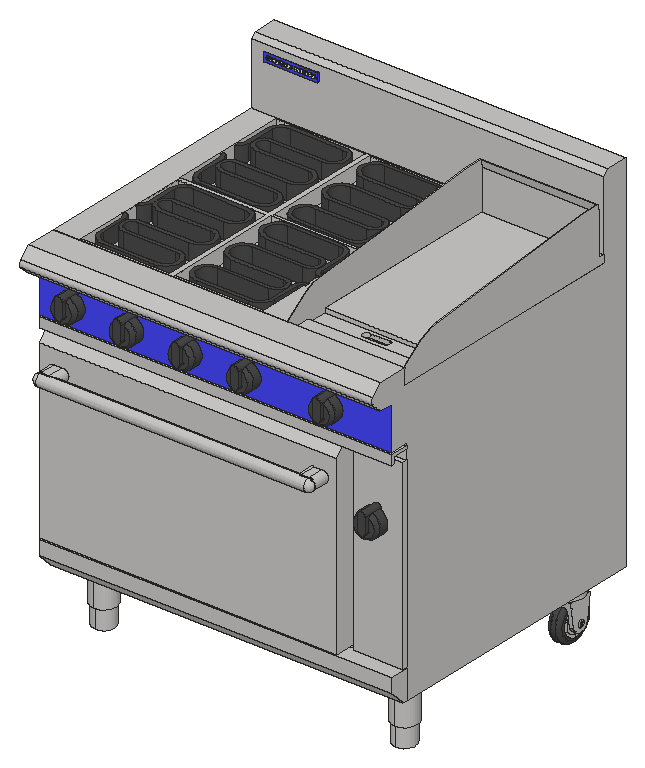
Revit family "QF_MOFFAT_BLUESEAL_CE_E56C", category Specialty Equipment, Revit 2012
Parameters
  Width = 900 mm  # constant formula
  Weight in Pounds = 440  # constant formula
  Watts = 19600 W
  Volts = 400 V
  URL Cutsheet = "www.moffat.com"
  URL = "www.moffat.com"
  Type Mark [instance] = ""
  Status [instance] = ""
  Specification by User [instance] = ""
  Specification by Manufacturer = ""
  Show Logo [instance] = yes
  Show Clearance [instance] = yes
  Show Casters [instance] = yes
  Serial Number = ""
  Seismic Rating = ""
  SMACNA No = ""
  Revision Code [instance] = ""
  Phase = 3
  Omniclass Number and Title = ""
  Number of Poles [instance] = 1
  NAFEM Spec ID Number = ""
  Model = "E56C"
  Min Ckt Ampacity = 0 A
  Max Overcurrent Protection = 0 A
  Masterspec = ""
  Manufacturer = "MOFFAT BLUESEAL"
  Legs [instance] = not(Show Casters)  # no
  Item Number [instance] = ""
  Installed By [instance] = ""
  Identify Quantity as Lot [instance] = yes
  Height = 970 mm  # constant formula
  HP = ""
  Furnished By [instance] = ""
  Foodservice Equipment Identifier [instance] = yes
  FL Amps = 20.9 A
  Electrical Remarks = "29.3A PER PHASE"
  Electric Connection Type = ""
  Elec Conn RI Height = 0 mm
  Elec Conn Connection Height = 0 mm
  Description = "900MM ELECTRIC RANGE WITH CONVECTION OVEN"
  Depth = 812 mm  # constant formula
  Cycle = 50 Hz
  Conn Plug = ""
  Conn Conduit = yes
  CSI MasterFormat = ""
  CSI Master Format = ""
  Body Finish = QF_Finishes_Stainless Steel
  Apparent Power = 0 VA
Reference planes
  plane 1 "BACK": y = 0
  plane 2: z = 0
  plane 3 "LEFT": x = 0
  plane 4 "RIGHT": x = 900
  plane 5 "FRONT": y = -812
  plane 6 "TOP": z = 970
  plane 7 "Center Y": x = 450
  plane 8 "Center X": y = -406
  plane 9: x = 280
  plane 10: y = -574.272
  plane 11: y = -304.972
  plane 12: y = -364.972
  plane 13: y = -812
  plane 14: x = 834.5
  plane 15: y = -32
  plane 16: z = 655
  plane 17: y = -100
  plane 18: z = 1085
  plane 19: y = -705
Forms (mm)
  Extrusion 1, solid, material "QF_Finishes_Stainless Steel" <- "Body Finish"
    sketch origin (0, 0, 0) x (0, 1, 0) y (0, 0, 1)
      loop
        line (0, 150) -> (0, 1085) -> (-57.5, 1085) -> (-70, 1072.5) -> (-70, 875) -> (-705, 875) -> (-705, 915) -> (-783.97, 915) -> (-808.476, 890.494)
        arc (-808.476, 890.494) -> (-811.994, 882) -> (-808.476, 873.506) r 12.013
        line (-808.476, 873.506) -> (-784.97, 850) -> (-749, 850) -> (-749, 740) -> (-699, 740) -> (-699, 150) -> (0, 150)
    from 0 to 900
  Extrusion 2, solid, material "QF_Finishes_Stainless Steel"
    sketch origin (0, 7, 0) x (0, 1, 0) y (0, 0, 1)
      loop
        line (-706, 700) -> (-732, 700) -> (-756, 676) -> (-756, 227.5) -> (-706, 227.5) -> (-706, 700)
    from 0 to 760
  Extrusion 3, solid, material "QF_Finishes_Stainless Steel"
    sketch origin (723.5, 7, 0) x (0, 1, 0) y (0, 0, 1)
      loop
        line (-706, 700) -> (-721, 700) -> (-721, 227.5) -> (-706, 227.5) -> (-706, 700)
    from 51.5 to 176.5
  Revolve 4, solid, material "QF_Finishes_Stainless Steel" <- "Body Finish"
    sketch origin (834.5, -696.126, 0) x (0, 1, 0) y (0, 0, -1)
      loop
        line (39.376, -150) -> (71.126, -150) -> (71.126, 0) -> (43.626, 0) -> (43.626, -50) -> (39.376, -50) -> (39.376, -150)
      axis (71.126, -150) -> (71.126, 0)
    angle from 0 to 360
  Revolve 5, solid, material "QF_Finishes_Stainless Steel" <- "Body Finish"
    sketch origin (65.5, -696.126, 0) x (0, 1, 0) y (0, 0, 1)
      loop
        line (39.376, 150) -> (39.376, 50) -> (43.626, 50) -> (43.626, 0) -> (71.126, 0) -> (71.126, 150) -> (39.376, 150)
      axis (71.126, 150) -> (71.126, 0)
    angle from 0 to 360
  Extrusion 6, solid, material "QF_Finishes_Stainless Steel"
    sketch origin (-64.5, 0, 325) x (1, 0, 0) y (0, 1, 0)
      loop
        circle (834.5, -32) r 10
    from 330 to 371
  Revolve 7, solid, material "QF_Finishes_Black"
    sketch origin (750, 45.874, -0.118) x (0, 1, 0) y (0, 0, 1)
      loop
        line (-827.874, 829.5) -> (-838.874, 823.651) -> (-838.874, 797) -> (-794.874, 797) -> (-794.874, 802) -> (-804.874, 802) -> (-804.874, 829.5) -> (-827.874, 829.5)
      axis (-838.874, 797) -> (-794.874, 797)
    angle from 0 to 360
  Revolve 8, solid, material "QF_Finishes_Black"
    sketch origin (90.649, 45.874, -0.118) x (0, 1, 0) y (0, 0, -1)
      loop
        line (-827.874, -829.5) -> (-804.874, -829.5) -> (-804.874, -802) -> (-794.874, -802) -> (-794.874, -797) -> (-838.874, -797) -> (-838.874, -823.651) -> (-827.874, -829.5)
      axis (-838.874, -797) -> (-794.874, -797)
    angle from 0 to 360
  Revolve 9, solid, material "QF_Finishes_Black"
    sketch origin (240.649, 45.874, -0.118) x (0, 1, 0) y (0, 0, -1)
      loop
        line (-827.874, -829.5) -> (-804.874, -829.5) -> (-804.874, -802) -> (-794.874, -802) -> (-794.874, -797) -> (-838.874, -797) -> (-838.874, -823.651) -> (-827.874, -829.5)
      axis (-838.874, -797) -> (-794.874, -797)
    angle from 0 to 360
  Revolve 10, solid, material "QF_Finishes_Black"
    sketch origin (390.625, 45.874, -0.118) x (0, 1, 0) y (0, 0, -1)
      loop
        line (-827.874, -829.5) -> (-804.874, -829.5) -> (-804.874, -802) -> (-794.874, -802) -> (-794.874, -797) -> (-838.874, -797) -> (-838.874, -823.651) -> (-827.874, -829.5)
      axis (-838.874, -797) -> (-794.874, -797)
    angle from 0 to 360
  Extrusion 11, solid, material "QF_Finishes_Black"
    sketch origin (238.456, 7, -0.118) x (-1, 0, 0) y (0, 0, -1)
      loop
        arc (158.3, -789) -> (148.3, -779) -> (138.3, -789) r 10
        line (138.3, -789) -> (138.3, -824)
        arc (138.3, -824) -> (148.3, -834) -> (158.3, -824) r 10
        line (158.3, -824) -> (158.3, -789)
    from 759 to 808
  Extrusion 12, solid, material "QF_Finishes_Black"
    sketch origin (388.456, 7, -0.118) x (-1, 0, 0) y (0, 0, -1)
      loop
        arc (158.3, -789) -> (148.3, -779) -> (138.3, -789) r 10
        line (138.3, -789) -> (138.3, -824)
        arc (138.3, -824) -> (148.3, -834) -> (158.3, -824) r 10
        line (158.3, -824) -> (158.3, -789)
    from 759 to 808
  Extrusion 13, solid, material "QF_Finishes_Black"
    sketch origin (602.193, 7, -0.118) x (1, 0, 0) y (0, 0, 1)
      loop
        line (158.3, 789) -> (158.3, 824)
        arc (158.3, 824) -> (148.3, 834) -> (138.3, 824) r 10
        line (138.3, 824) -> (138.3, 789)
        arc (138.3, 789) -> (148.3, 779) -> (158.3, 789) r 10
    from 759 to 808
  Extrusion 14, solid, material "QF_Finishes_Black"
    sketch origin (538.432, 7, -0.118) x (-1, 0, 0) y (0, 0, -1)
      loop
        arc (158.3, -789) -> (148.3, -779) -> (138.3, -789) r 10
        line (138.3, -789) -> (138.3, -824)
        arc (138.3, -824) -> (148.3, -834) -> (158.3, -824) r 10
        line (158.3, -824) -> (158.3, -789)
    from 759 to 808
  Extrusion 15, solid, material "QF_Finishes_Black"
    sketch origin (688.432, 7, -0.118) x (-1, 0, 0) y (0, 0, -1)
      loop
        arc (158.3, -789) -> (148.3, -779) -> (138.3, -789) r 10
        line (138.3, -789) -> (138.3, -824)
        arc (138.3, -824) -> (148.3, -834) -> (158.3, -824) r 10
        line (158.3, -824) -> (158.3, -789)
    from 759 to 808
  Revolve 16, solid, material "QF_Finishes_Black"
    sketch origin (836.851, 80.874, -245.743) x (0, 1, 0) y (0, 0, 1)
      loop
        line (-827.874, 829.5) -> (-838.874, 823.651) -> (-838.874, 797) -> (-794.874, 797) -> (-794.874, 802) -> (-804.874, 802) -> (-804.874, 829.5) -> (-827.874, 829.5)
      axis (-838.874, 797) -> (-794.874, 797)
    angle from 0 to 360
  Extrusion 17, solid, material "QF_Finishes_Black"
    sketch origin (689.044, 42, -245.743) x (1, 0, 0) y (0, 0, 1)
      loop
        line (158.3, 789) -> (158.3, 824)
        arc (158.3, 824) -> (148.3, 834) -> (138.3, 824) r 10
        line (138.3, 824) -> (138.3, 789)
        arc (138.3, 789) -> (148.3, 779) -> (158.3, 789) r 10
    from 759 to 808
  Extrusion 18, solid, material "QF_Door-Drawer Clearances", visible <- "Show Clearance", detail levels coarse
    sketch origin (0, 7, 0) x (0, -1, 0) y (0, 0, 1)
      loop
        line (756, 697.347) -> (756, 227.5) -> (1225.847, 227.5)
        arc (1225.847, 227.5) -> (1088.232, 559.732) -> (756, 697.347) r 469.847
    from 0 to -760
  Extrusion 19, void
    sketch origin (0, 0, 220) x (1, 0, 0) y (0, 1, 0)
      loop
        line (824, -87) -> (824, 0) -> (694, 0) -> (694, -39) -> (744, -87) -> (824, -87)
    from 0 to 476
  Revolve 20, solid, material "QF_Finishes_Black"
    sketch origin (540.625, 45.874, -0.118) x (0, 1, 0) y (0, 0, -1)
      loop
        line (-827.874, -829.5) -> (-804.874, -829.5) -> (-804.874, -802) -> (-794.874, -802) -> (-794.874, -797) -> (-838.874, -797) -> (-838.874, -823.651) -> (-827.874, -829.5)
      axis (-838.874, -797) -> (-794.874, -797)
    angle from 0 to 360
  Extrusion 21, solid, material "QF_Finishes_Stainless Steel"
    sketch origin (0, -749, 227.5) x (0, 0, 1) y (-1, 0, 0)
      loop
        line (380.625, -38.246) -> (380.625, -58.528)
        arc (380.625, -58.528) -> (395.625, -73.528) -> (410.625, -58.528) r 15
        line (410.625, -58.528) -> (410.625, -38.246)
        arc (410.625, -38.246) -> (395.625, -23.246) -> (380.625, -38.246) r 15
      loop
        arc (380.625, -723.039) -> (395.625, -738.039) -> (410.625, -723.039) r 15
        line (410.625, -723.039) -> (410.625, -702.757)
        arc (410.625, -702.757) -> (395.625, -687.757) -> (380.625, -702.757) r 15
        line (380.625, -702.757) -> (380.625, -723.039)
    from 0 to 44
  Revolve 22, solid, material "QF_Finishes_Stainless Steel"
    sketch origin (0, -793, 0) x (1, 0, 0) y (0, 0, 1)
      loop
        arc (738.039, 623.125) -> (733.646, 633.732) -> (723.039, 638.125) r 15
        line (723.039, 638.125) -> (38.246, 638.125)
        arc (38.246, 638.125) -> (27.64, 633.732) -> (23.246, 623.125) r 15
        line (23.246, 623.125) -> (738.039, 623.125)
      axis (738.039, 623.125) -> (23.246, 623.125)
    angle from 0 to 360
  Extrusion 23, solid, material "QF_Finishes_Stainless Steel" <- "Body Finish"
    sketch origin (0, 7, 0) x (0, 1, 0) y (0, 0, 1)
      loop
        line (-756, 710) -> (-747.224, 710) -> (-749.613, 726.999) -> (-707.93, 726.999) -> (-707.93, 734.003) -> (-756, 734.003) -> (-756, 710)
    from 0 to 900
  Extrusion 24, solid, material "QF_Finishes_Stainless Steel" <- "Body Finish"
    sketch origin (0, 4.73, 0) x (0, 1, 0) y (0, 0, 1)
      loop
        line (-753.73, 222.5) -> (-753.73, 186) -> (-717.73, 150) -> (-703.73, 150) -> (-703.73, 222.5) -> (-753.73, 222.5)
    from 0 to 900
  Extrusion 25, solid, material "QF_Finishes_Stainless Steel", visible <- "Show Casters"
    sketch origin (71.501, 133.353, -8.783) x (0, 1, 0) y (0, 0, 1)
      loop
        line (-201.603, 118.783) -> (-265.103, 118.783) -> (-252.746, 53.895)
        arc (-252.746, 53.895) -> (-233.353, 38.783) -> (-213.959, 53.895) r 20
        line (-213.959, 53.895) -> (-201.603, 118.783)
    from -35.667 to 22.923
  Revolve 26, solid, material "QF_Finishes_Stainless Steel", visible <- "Show Casters"
    sketch origin (65, -203, 0) x (0, 1, 0) y (0, 0, 1)
      loop
        line (67.25, 150) -> (67.25, 110) -> (103, 110) -> (103, 150) -> (67.25, 150)
      axis (103, 150) -> (103, 110)
    angle from 0 to 360
  Revolve 27, solid, material "QF_Finishes_Stainless Steel", visible <- "Show Casters"
    sketch origin (834.5, -203, 0) x (0, 1, 0) y (0, 0, -1)
      loop
        line (67.25, -150) -> (103, -150) -> (103, -110) -> (67.25, -110) -> (67.25, -150)
      axis (103, -150) -> (103, -110)
    angle from 0 to 360
  Revolve 28, solid, material "QF_Finishes_Stainless Steel", visible <- "Show Casters"
    sketch origin (785.276, -99.755, -13.653) x (1, 0, 0) y (0, 0, 1)
      loop
        line (14.841, 64.453) -> (83.584, 64.453) -> (83.584, 67.958) -> (82.314, 69.228) -> (80.79, 69.228) -> (80.79, 72.674) -> (68.644, 72.674) -> (68.644, 82.639) -> (65.088, 84.692) -> (63.738, 93.028) -> (65.881, 93.028) -> (65.881, 99.378) -> (65.088, 99.378) -> (65.088, 105.728)
        arc (65.088, 105.728) -> (62.298, 112.463) -> (55.563, 115.253) r 9.525
        line (55.563, 115.253) -> (42.863, 115.253)
        arc (42.863, 115.253) -> (36.127, 112.463) -> (33.338, 105.728) r 9.525
        line (33.338, 105.728) -> (33.338, 99.378) -> (32.544, 99.378) -> (32.544, 93.028) -> (34.687, 93.028) -> (33.352, 84.781) -> (29.782, 82.719) -> (29.782, 72.674) -> (17.635, 72.674) -> (17.635, 69.228) -> (16.111, 69.228) -> (14.841, 67.958) -> (14.841, 64.453)
      axis (14.841, 64.453) -> (83.584, 64.453)
    angle from 0 to 360
  Extrusion 29, solid, material "QF_Finishes_Stainless Steel", visible <- "Show Casters"
    sketch origin (841.001, 133.353, -8.783) x (0, 1, 0) y (0, 0, 1)
      loop
        line (-201.603, 118.783) -> (-265.103, 118.783) -> (-252.746, 53.895)
        arc (-252.746, 53.895) -> (-233.353, 38.783) -> (-213.959, 53.895) r 20
        line (-213.959, 53.895) -> (-201.603, 118.783)
    from -35.667 to 22.923
  Revolve 30, solid, material "QF_Finishes_Stainless Steel", visible <- "Legs"
    sketch origin (65, -165, 0) x (0, 1, 0) y (0, 0, 1)
      loop
        line (33.25, 150) -> (33.25, 50) -> (37.5, 50) -> (37.5, 0) -> (65, 0) -> (65, 150) -> (33.25, 150)
      axis (65, 150) -> (65, 0)
    angle from 0 to 360
  Revolve 31, solid, material "QF_Finishes_Stainless Steel", visible <- "Legs"
    sketch origin (834.5, -165, 0) x (0, 1, 0) y (0, 0, -1)
      loop
        line (33.25, -150) -> (65, -150) -> (65, 0) -> (37.5, 0) -> (37.5, -50) -> (33.25, -50) -> (33.25, -150)
      axis (65, -150) -> (65, 0)
    angle from 0 to 360
  Revolve 32, solid, material "QF_Finishes_Stainless Steel", visible <- "Show Casters"
    sketch origin (114.224, -99.755, -13.653) x (-1, 0, 0) y (0, 0, -1)
      loop
        line (14.841, -64.453) -> (14.841, -67.958) -> (16.111, -69.228) -> (17.635, -69.228) -> (17.635, -72.674) -> (29.782, -72.674) -> (29.782, -82.719) -> (33.352, -84.781) -> (34.687, -93.028) -> (32.544, -93.028) -> (32.544, -99.378) -> (33.338, -99.378) -> (33.338, -105.728)
        arc (33.338, -105.728) -> (36.127, -112.463) -> (42.863, -115.253) r 9.525
        line (42.863, -115.253) -> (55.563, -115.253)
        arc (55.563, -115.253) -> (62.298, -112.463) -> (65.088, -105.728) r 9.525
        line (65.088, -105.728) -> (65.088, -99.378) -> (65.881, -99.378) -> (65.881, -93.028) -> (63.738, -93.028) -> (65.088, -84.692) -> (68.644, -82.639) -> (68.644, -72.674) -> (80.79, -72.674) -> (80.79, -69.228) -> (82.314, -69.228) -> (83.584, -67.958) -> (83.584, -64.453) -> (14.841, -64.453)
      axis (14.841, -64.453) -> (83.584, -64.453)
    angle from 0 to 360
  Extrusion 33, solid, material "QF_Finishes_Stainless Steel"
    sketch origin (0, 0, 0) x (1, 0, 0) y (0, 1, 0)
      loop
        circle (826, -501) r 6.35
    from 150 to 147.817
Cuts and joins
  Extrusion 19 cuts Extrusion 1
Lines and regions (mm)
  Split face 1
    outline origin (900, 0, 1085) x (-1, 0, 0) y (0, -1, 0)
      loop
        arc (867.206, 18.385) -> (875.866, 23.385) -> (875.866, 33.385) r 10
        line (875.866, 33.385) -> (871.824, 40.385)
        arc (871.824, 40.385) -> (868.164, 44.045) -> (863.164, 45.385) r 10
        line (863.164, 45.385) -> (635.206, 45.385)
        arc (635.206, 45.385) -> (626.545, 40.385) -> (626.545, 30.385) r 10
        line (626.545, 30.385) -> (630.587, 23.385)
        arc (630.587, 23.385) -> (634.247, 19.725) -> (639.247, 18.385) r 10
        line (639.247, 18.385) -> (867.206, 18.385)
  Split face 2
    outline origin (900, 0, 1085) x (-1, 0, 0) y (0, -1, 0)
      loop
        arc (567.206, 18.385) -> (575.866, 23.385) -> (575.866, 33.385) r 10
        line (575.866, 33.385) -> (571.824, 40.385)
        arc (571.824, 40.385) -> (568.164, 44.045) -> (563.164, 45.385) r 10
        line (563.164, 45.385) -> (335.206, 45.385)
        arc (335.206, 45.385) -> (326.545, 40.385) -> (326.545, 30.385) r 10
        line (326.545, 30.385) -> (330.587, 23.385)
        arc (330.587, 23.385) -> (334.247, 19.725) -> (339.247, 18.385) r 10
        line (339.247, 18.385) -> (567.206, 18.385)
  Split face 3
    outline origin (900, 0, 1085) x (-1, 0, 0) y (0, -1, 0)
      loop
        arc (35.206, 45.385) -> (26.545, 40.385) -> (26.545, 30.385) r 10
        line (26.545, 30.385) -> (30.587, 23.385)
        arc (30.587, 23.385) -> (34.247, 19.725) -> (39.247, 18.385) r 10
        line (39.247, 18.385) -> (267.206, 18.385)
        arc (267.206, 18.385) -> (275.866, 23.385) -> (275.866, 33.385) r 10
        line (275.866, 33.385) -> (271.824, 40.385)
        arc (271.824, 40.385) -> (268.164, 44.045) -> (263.164, 45.385) r 10
        line (263.164, 45.385) -> (35.206, 45.385)
  symbolic lines
    curve 1: line (0, 0, 0) -> (0, -812, 0)
    curve 2: line (900, 0, 0) -> (0, 0, 0)
    curve 3: line (900, -812, 0) -> (900, 0, 0)
    curve 4: line (0, -70, 0) -> (900, -70, 0)
    curve 5: line (900, -812, 0) -> (0, -812, 0)
    curve 6: line (900, -705, 0) -> (0, -705, 0)
    curve 7: arc (22.65, -812, 0) -> (34.104, -822.278, 0) -> (48.889, -826.544, 0) r 34.455
    curve 8: line (48.889, -826.544, 0) -> (721.858, -826.544, 0)
    curve 9: arc (721.858, -826.544, 0) -> (736.403, -822.647, 0) -> (747.05, -812, 0) r 29.089
    curve 13: line (32.794, -18.385, 0) -> (260.753, -18.385, 0)
    curve 14: arc (260.753, -18.385, 0) -> (265.753, -19.725, 0) -> (269.413, -23.385, 0) r 10
    curve 15: line (269.413, -23.385, 0) -> (273.455, -30.385, 0)
    curve 16: arc (273.455, -30.385, 0) -> (273.455, -40.385, 0) -> (264.794, -45.385, 0) r 10
    curve 17: line (264.794, -45.385, 0) -> (36.836, -45.385, 0)
    curve 18: arc (36.836, -45.385, 0) -> (31.836, -44.045, 0) -> (28.176, -40.385, 0) r 10
    curve 19: line (28.176, -40.385, 0) -> (24.134, -33.385, 0)
    curve 20: arc (24.134, -33.385, 0) -> (24.134, -23.385, 0) -> (32.794, -18.385, 0) r 10
    curve 21: line (560.753, -18.385, 0) -> (332.794, -18.385, 0)
    curve 22: arc (332.794, -18.385, 0) -> (324.134, -23.385, 0) -> (324.134, -33.385, 0) r 10
    curve 23: line (324.134, -33.385, 0) -> (328.176, -40.385, 0)
    curve 24: arc (328.176, -40.385, 0) -> (331.836, -44.045, 0) -> (336.836, -45.385, 0) r 10
    curve 25: line (336.836, -45.385, 0) -> (564.794, -45.385, 0)
    curve 26: arc (564.794, -45.385, 0) -> (573.455, -40.385, 0) -> (573.455, -30.385, 0) r 10
    curve 27: line (573.455, -30.385, 0) -> (569.413, -23.385, 0)
    curve 28: arc (569.413, -23.385, 0) -> (565.753, -19.725, 0) -> (560.753, -18.385, 0) r 10
    curve 29: line (632.794, -18.385, 0) -> (860.753, -18.385, 0)
    curve 30: arc (860.753, -18.385, 0) -> (865.753, -19.725, 0) -> (869.413, -23.385, 0) r 10
    curve 31: line (869.413, -23.385, 0) -> (873.455, -30.385, 0)
    curve 32: arc (873.455, -30.385, 0) -> (873.455, -40.385, 0) -> (864.794, -45.385, 0) r 10
    curve 33: line (864.794, -45.385, 0) -> (636.836, -45.385, 0)
    curve 34: arc (636.836, -45.385, 0) -> (631.836, -44.045, 0) -> (628.176, -40.385, 0) r 10
    curve 35: line (628.176, -40.385, 0) -> (624.134, -33.385, 0)
    curve 36: arc (624.134, -33.385, 0) -> (624.134, -23.385, 0) -> (632.794, -18.385, 0) r 10
    curve 37: line (0, -783.97, 0) -> (900, -783.97, 0)
    curve 38: line (0, -57.5, 0) -> (900, -57.5, 0)
  symbolic lines, style "QF_Door-Drawer Clearances"
    curve 10: line (0, -1218.847, 0) -> (0, -812, 0)
    curve 11: line (0, -1218.847, 0) -> (760, -1218.847, 0)
    curve 12: line (760, -1218.847, 0) -> (760, -812, 0)
  symbolic lines, style "SpecialityEquipmentHiddenLines", visible <- "Show Casters"
    curve 39: line (106.952, -62.61, 0) -> (56.152, -150.598, 0)
    curve 40: line (79.456, -46.735, 0) -> (106.952, -62.61, 0)
    curve 41: line (28.656, -134.723, 0) -> (79.456, -46.735, 0)
    curve 42: line (56.152, -150.598, 0) -> (28.656, -134.723, 0)
    curve 43: line (866.952, -62.61, 0) -> (816.152, -150.598, 0)
    curve 44: line (839.456, -46.735, 0) -> (866.952, -62.61, 0)
    curve 45: line (788.656, -134.723, 0) -> (839.456, -46.735, 0)
    curve 46: line (816.152, -150.598, 0) -> (788.656, -134.723, 0)
Dimensions and locks
  equal spacing: plane 3 "LEFT", plane 7 "Center Y", plane 4 "RIGHT"
  "Width": plane 3 "LEFT" to plane 4 "RIGHT"
  equal spacing: plane 5 "FRONT", plane 8 "Center X", plane 1 "BACK"
  plane 5 "FRONT" to plane 1 "BACK" = 812 mm  (x2)
  equal spacing: plane 4 "RIGHT", plane 7 "Center Y", plane 3 "LEFT"
  plane 4 "RIGHT" to plane 3 "LEFT" = 900 mm
  "Height": plane 6 "TOP" to level
  plane 10 to plane 1 "BACK" = 574.272 mm
  plane 11 to plane 1 "BACK" = 304.972 mm  (x2)
  plane 9 to plane 3 "LEFT" = 280 mm
  "Depth": plane 1 "BACK" to plane 13
  plane 13 to plane 5 "FRONT" = 0 mm
  plane 6 "TOP" to plane 2 = 970 mm
  plane 2 to Extrusion 1 sketch curve = 875 mm
  locked: plane 2 to Extrusion 1 sketch curve at 915
  Revolve 28 sketch curve to Revolve 28 sketch curve = 50.8 mm
  Revolve 32 sketch curve to Revolve 32 sketch curve = 50.8 mm
  plane 18 to level = 1085 mm
  Extrusion 33 sketch curve to plane 1 "BACK" = 501 mm
  Extrusion 33 sketch curve to plane 4 "RIGHT" = 74 mm
  aligned and locked: level to plane 2
  aligned and locked: curve 3 to plane 4 "RIGHT"
Automatic sketch dimensions
  Extrusion 1 sketch curve to plane 19 = 0 mm
  Extrusion 1 sketch curve to plane 18 = 0 mm
  Extrusion 1 sketch curve to plane 1 "BACK" = 0 mm
  plane 19 to Extrusion 1 sketch curve = 44 mm
  Extrusion 1 sketch curve to plane 5 "FRONT" = 28.03 mm
  Extrusion 1 sketch curve to plane 5 "FRONT" = 27.03 mm
  Extrusion 1 sketch curve to plane 5 "FRONT" = 12.018 mm
  Extrusion 1 sketch curve to plane 5 "FRONT" = 3.524 mm  (x2)
  Extrusion 1 sketch curve to plane 19 = 6 mm
  Extrusion 1 sketch curve to plane 18 = 12.5 mm
  plane 17 to Extrusion 1 sketch curve = 30 mm
  Extrusion 1 sketch curve to Extrusion 1 sketch curve = 12.5 mm
  Extrusion 1 sketch curve to Extrusion 1 sketch curve = 41.494 mm
  Extrusion 1 sketch curve to Extrusion 1 sketch curve = 25 mm
  plane 16 to Extrusion 1 sketch curve = 85 mm
  level to Extrusion 1 sketch curve = 150 mm
  Extrusion 1 sketch curve to Extrusion 1 sketch curve = 8.494 mm
  plane 19 to Extrusion 2 sketch curve = 20 mm
  Extrusion 2 sketch curve to plane 19 = 6 mm
  level to Extrusion 2 sketch curve = 227.5 mm
  plane 19 to Extrusion 3 sketch curve = 9 mm
  Extrusion 3 sketch curve to plane 19 = 6 mm
  level to Extrusion 3 sketch curve = 227.5 mm
  plane 16 to Extrusion 3 sketch curve = 45 mm
  Revolve 4 sketch curve to level = 0 mm
  Revolve 4 sketch curve to plane 19 = 48.25 mm
  Revolve 4 sketch curve to Revolve 4 sketch curve = 4.25 mm
  Revolve 4 sketch curve to Revolve 4 sketch curve = 27.5 mm  (x2)
  level to Revolve 4 sketch curve = 50 mm
  Revolve 4 sketch curve to Revolve 4 sketch curve = 0 mm
  Revolve 4 sketch curve to Revolve 4 sketch curve = 100 mm
  Revolve 4 sketch curve to Revolve 4 sketch curve = 55 mm
  Revolve 5 sketch curve to level = 0 mm
  Revolve 5 sketch curve to plane 19 = 48.25 mm
  Revolve 5 sketch curve to Revolve 5 sketch curve = 4.25 mm
  Revolve 5 sketch curve to Revolve 5 sketch curve = 27.5 mm  (x2)
  Revolve 5 sketch curve to level = 55 mm
  Revolve 5 sketch curve to Revolve 5 sketch curve = 50 mm
  Revolve 5 sketch curve to Revolve 5 sketch curve = 0 mm
  Revolve 5 sketch curve to Revolve 5 sketch curve = 100 mm
  Extrusion 6 sketch curve to plane 15 = 0 mm
  Extrusion 6 sketch curve to plane 14 = 64.5 mm
  Revolve 7 sketch curve to plane 5 "FRONT" = 19 mm
  Revolve 7 sketch curve to Revolve 7 sketch curve = 0 mm  (x2)
  Revolve 7 sketch curve to Revolve 7 sketch curve = 11 mm
  Revolve 7 sketch curve to Revolve 7 sketch curve = 12.7 mm
  Revolve 7 sketch curve to Revolve 7 sketch curve = 23 mm
  Revolve 7 sketch curve to Revolve 7 sketch curve = 10 mm
  plane 16 to Revolve 7 sketch curve = 141.882 mm
  Revolve 7 sketch curve to Revolve 7 sketch curve = 5 mm
  Revolve 7 sketch curve to Revolve 7 sketch curve = 26.651 mm
  Revolve 7 sketch curve to Revolve 7 sketch curve = 5.849 mm
  Revolve 8 sketch curve to plane 5 "FRONT" = 19 mm
  Revolve 8 sketch curve to Revolve 8 sketch curve = 0 mm  (x2)
  Revolve 8 sketch curve to Revolve 8 sketch curve = 11 mm
  Revolve 8 sketch curve to Revolve 8 sketch curve = 12.7 mm
  Revolve 8 sketch curve to Revolve 8 sketch curve = 23 mm
  Revolve 8 sketch curve to Revolve 8 sketch curve = 10 mm
  Revolve 8 sketch curve to plane 6 "TOP" = 140.618 mm
  Revolve 8 sketch curve to Revolve 8 sketch curve = 5.849 mm
  Revolve 8 sketch curve to Revolve 8 sketch curve = 27.5 mm
  Revolve 8 sketch curve to Revolve 8 sketch curve = 5 mm
  Revolve 9 sketch curve to plane 5 "FRONT" = 19 mm
  Revolve 9 sketch curve to Revolve 9 sketch curve = 0 mm  (x2)
  Revolve 9 sketch curve to Revolve 9 sketch curve = 11 mm
  Revolve 9 sketch curve to Revolve 9 sketch curve = 12.7 mm
  Revolve 9 sketch curve to Revolve 9 sketch curve = 23 mm
  Revolve 9 sketch curve to Revolve 9 sketch curve = 10 mm
  Revolve 9 sketch curve to plane 6 "TOP" = 140.618 mm
  Revolve 9 sketch curve to Revolve 9 sketch curve = 5.849 mm
  Revolve 9 sketch curve to Revolve 9 sketch curve = 27.5 mm
  Revolve 9 sketch curve to Revolve 9 sketch curve = 5 mm
  Revolve 10 sketch curve to plane 5 "FRONT" = 19 mm
  Revolve 10 sketch curve to Revolve 10 sketch curve = 0 mm  (x2)
  Revolve 10 sketch curve to Revolve 10 sketch curve = 11 mm
  Revolve 10 sketch curve to Revolve 10 sketch curve = 12.7 mm
  Revolve 10 sketch curve to Revolve 10 sketch curve = 23 mm
  Revolve 10 sketch curve to Revolve 10 sketch curve = 10 mm
  Revolve 10 sketch curve to plane 6 "TOP" = 140.618 mm
  Revolve 10 sketch curve to Revolve 10 sketch curve = 5.849 mm
  Revolve 10 sketch curve to Revolve 10 sketch curve = 27.5 mm
  Revolve 10 sketch curve to Revolve 10 sketch curve = 5 mm
  Extrusion 11 sketch curve to Extrusion 11 sketch curve = 10 mm
  Extrusion 11 sketch curve to plane 6 "TOP" = 146.118 mm
  Extrusion 11 sketch curve to Extrusion 11 sketch curve = 35 mm
  Extrusion 12 sketch curve to plane 9 = 29.844 mm
  Extrusion 12 sketch curve to Extrusion 12 sketch curve = 10 mm
  Extrusion 12 sketch curve to plane 6 "TOP" = 146.118 mm
  Extrusion 12 sketch curve to Extrusion 12 sketch curve = 35 mm
  Extrusion 13 sketch curve to plane 14 = 94.007 mm
  Extrusion 13 sketch curve to Extrusion 13 sketch curve = 10 mm
  plane 16 to Extrusion 13 sketch curve = 133.882 mm
  Extrusion 13 sketch curve to Extrusion 13 sketch curve = 35 mm
  Extrusion 14 sketch curve to plane 7 "Center Y" = 49.868 mm
  Extrusion 14 sketch curve to Extrusion 14 sketch curve = 10 mm
  Extrusion 14 sketch curve to plane 6 "TOP" = 146.118 mm
  Extrusion 14 sketch curve to Extrusion 14 sketch curve = 35 mm
  plane 7 "Center Y" to Extrusion 15 sketch curve = 100.132 mm
  Extrusion 15 sketch curve to Extrusion 15 sketch curve = 10 mm
  Extrusion 15 sketch curve to plane 6 "TOP" = 146.118 mm
  Extrusion 15 sketch curve to Extrusion 15 sketch curve = 35 mm
  Revolve 16 sketch curve to plane 5 "FRONT" = 54 mm
  Revolve 16 sketch curve to Revolve 16 sketch curve = 0 mm  (x2)
  Revolve 16 sketch curve to Revolve 16 sketch curve = 11 mm
  Revolve 16 sketch curve to Revolve 16 sketch curve = 12.7 mm
  plane 19 to Revolve 16 sketch curve = 19 mm
  plane 19 to Revolve 16 sketch curve = 9 mm
  Revolve 16 sketch curve to plane 16 = 103.743 mm
  Revolve 16 sketch curve to Revolve 16 sketch curve = 5 mm
  Revolve 16 sketch curve to Revolve 16 sketch curve = 26.651 mm
  Revolve 16 sketch curve to Revolve 16 sketch curve = 5.849 mm
  Extrusion 17 sketch curve to plane 14 = 7.156 mm
  plane 14 to Extrusion 17 sketch curve = 2.844 mm
  Extrusion 17 sketch curve to plane 16 = 111.743 mm
  Extrusion 17 sketch curve to Extrusion 17 sketch curve = 35 mm
  plane 19 to Extrusion 18 sketch curve = 44 mm
  level to Extrusion 18 sketch curve = 227.5 mm
  plane 5 "FRONT" to Extrusion 18 sketch curve = 406.847 mm
  plane 1 "BACK" to Extrusion 19 sketch curve = 0 mm
  Extrusion 19 sketch curve to plane 15 = 7 mm
  Extrusion 19 sketch curve to plane 14 = 140.5 mm
  plane 17 to Extrusion 19 sketch curve = 13 mm
  Extrusion 19 sketch curve to Extrusion 19 sketch curve = 50 mm
  Extrusion 19 sketch curve to plane 14 = 10.5 mm
  Revolve 20 sketch curve to plane 5 "FRONT" = 19 mm
  Revolve 20 sketch curve to Revolve 20 sketch curve = 0 mm  (x2)
  Revolve 20 sketch curve to Revolve 20 sketch curve = 11 mm
  Revolve 20 sketch curve to Revolve 20 sketch curve = 12.7 mm
  Revolve 20 sketch curve to Revolve 20 sketch curve = 23 mm
  Revolve 20 sketch curve to Revolve 20 sketch curve = 10 mm
  Revolve 20 sketch curve to plane 6 "TOP" = 140.618 mm
  Revolve 20 sketch curve to Revolve 20 sketch curve = 5.849 mm
  Revolve 20 sketch curve to Revolve 20 sketch curve = 27.5 mm
  Revolve 20 sketch curve to Revolve 20 sketch curve = 5 mm
  Extrusion 21 sketch curve to plane 16 = 46.875 mm  (x2)
  Extrusion 21 sketch curve to Extrusion 21 sketch curve = 15 mm  (x2)
  Extrusion 21 sketch curve to plane 14 = 131.743 mm
  Extrusion 21 sketch curve to Extrusion 21 sketch curve = 20.282 mm  (x2)
  Revolve 22 sketch curve to plane 3 "LEFT" = 6.961 mm
  plane 3 "LEFT" to Revolve 22 sketch curve = 23.246 mm
  Revolve 22 sketch curve to plane 16 = 16.875 mm
  Revolve 22 sketch curve to Revolve 22 sketch curve = 15 mm
  Revolve 22 sketch curve to plane 16 = 31.875 mm
  plane 7 "Center Y" to Revolve 22 sketch curve = 138.039 mm
  Revolve 22 sketch curve to plane 14 = 111.461 mm
  plane 19 to Extrusion 23 sketch curve = 44 mm
  Extrusion 23 sketch curve to Extrusion 23 sketch curve = 6.387 mm
  Extrusion 23 sketch curve to Extrusion 23 sketch curve = 8.776 mm
  Extrusion 23 sketch curve to plane 19 = 4.07 mm
  plane 16 to Extrusion 23 sketch curve = 55 mm
  Extrusion 23 sketch curve to Extrusion 23 sketch curve = 16.999 mm
  Extrusion 23 sketch curve to Extrusion 23 sketch curve = 7.004 mm
  plane 19 to Extrusion 24 sketch curve = 44 mm
  Extrusion 24 sketch curve to Extrusion 24 sketch curve = 36.5 mm
  Extrusion 25 sketch curve to plane 17 = 0 mm
  Extrusion 25 sketch curve to plane 17 = 19.393 mm
  Extrusion 25 sketch curve to plane 17 = 31.75 mm
  plane 17 to Extrusion 25 sketch curve = 19.393 mm
  plane 17 to Extrusion 25 sketch curve = 31.75 mm
  level to Extrusion 25 sketch curve = 45.111 mm
  Extrusion 25 sketch curve to Extrusion 25 sketch curve = 4.889 mm
  Extrusion 25 sketch curve to Extrusion 25 sketch curve = 64.889 mm
  Revolve 26 sketch curve to plane 17 = 0 mm  (x2)
  Revolve 26 sketch curve to plane 17 = 35.75 mm
  Revolve 26 sketch curve to level = 55 mm
  level to Revolve 26 sketch curve = 50 mm
  Revolve 26 sketch curve to Revolve 26 sketch curve = 60 mm
  Revolve 26 sketch curve to Revolve 26 sketch curve = 40 mm
  Revolve 27 sketch curve to plane 17 = 0 mm  (x2)
  Revolve 27 sketch curve to plane 17 = 35.75 mm
  level to Revolve 27 sketch curve = 150 mm
  Revolve 27 sketch curve to Revolve 27 sketch curve = 40 mm
  level to Revolve 27 sketch curve = 50 mm
  Revolve 27 sketch curve to level = 55 mm
  Revolve 28 sketch curve to plane 14 = 34.382 mm
  Revolve 28 sketch curve to Revolve 28 sketch curve = 1.27 mm  (x4)
  Revolve 28 sketch curve to Revolve 28 sketch curve = 1.524 mm  (x2)
  Revolve 28 sketch curve to Revolve 28 sketch curve = 12.146 mm  (x2)
  Revolve 28 sketch curve to plane 14 = 16.68 mm
  Revolve 28 sketch curve to Revolve 28 sketch curve = 0.794 mm  (x2)
  Revolve 28 sketch curve to Revolve 28 sketch curve = 3.57 mm
  Revolve 28 sketch curve to Revolve 28 sketch curve = 2.143 mm
  Revolve 28 sketch curve to plane 14 = 6.361 mm
  plane 14 to Revolve 28 sketch curve = 5.13 mm
  plane 14 to Revolve 28 sketch curve = 6.339 mm
  plane 14 to Revolve 28 sketch curve = 14.515 mm
  Revolve 28 sketch curve to Revolve 28 sketch curve = 1.349 mm  (x2)
  Revolve 28 sketch curve to Revolve 28 sketch curve = 3.556 mm
  Revolve 28 sketch curve to plane 4 "RIGHT" = 2.18 mm
  level to Revolve 28 sketch curve = 50.8 mm
  Revolve 28 sketch curve to Revolve 28 sketch curve = 0 mm
  Revolve 28 sketch curve to Revolve 28 sketch curve = 3.505 mm  (x2)
  Revolve 28 sketch curve to Revolve 28 sketch curve = 3.447 mm  (x2)
  Revolve 28 sketch curve to Revolve 28 sketch curve = 9.964 mm
  Revolve 28 sketch curve to Revolve 28 sketch curve = 10.045 mm
  Revolve 28 sketch curve to Revolve 28 sketch curve = 2.053 mm
  Revolve 28 sketch curve to Revolve 28 sketch curve = 2.061 mm
  Revolve 28 sketch curve to Revolve 28 sketch curve = 8.247 mm
  Revolve 28 sketch curve to Revolve 28 sketch curve = 8.336 mm
  Revolve 28 sketch curve to Revolve 28 sketch curve = 6.35 mm  (x2)
  Extrusion 29 sketch curve to plane 17 = 0 mm
  Extrusion 29 sketch curve to plane 17 = 19.393 mm
  Extrusion 29 sketch curve to plane 17 = 31.75 mm
  plane 17 to Extrusion 29 sketch curve = 19.393 mm
  plane 17 to Extrusion 29 sketch curve = 31.75 mm
  level to Extrusion 29 sketch curve = 45.111 mm
  Extrusion 29 sketch curve to Extrusion 29 sketch curve = 4.889 mm
  Extrusion 29 sketch curve to Extrusion 29 sketch curve = 64.889 mm
  Revolve 30 sketch curve to level = 0 mm
  Revolve 30 sketch curve to plane 17 = 0 mm  (x2)
  Revolve 30 sketch curve to Revolve 30 sketch curve = 27.5 mm
  Revolve 30 sketch curve to Revolve 30 sketch curve = 31.75 mm
  Revolve 30 sketch curve to level = 55 mm
  Revolve 30 sketch curve to Revolve 30 sketch curve = 50 mm
  Revolve 30 sketch curve to Revolve 30 sketch curve = 0 mm
  Revolve 30 sketch curve to Revolve 30 sketch curve = 100 mm
  Revolve 31 sketch curve to level = 0 mm
  Revolve 31 sketch curve to plane 17 = 0 mm  (x2)
  Revolve 31 sketch curve to Revolve 31 sketch curve = 27.5 mm
  Revolve 31 sketch curve to Revolve 31 sketch curve = 31.75 mm
  level to Revolve 31 sketch curve = 50 mm
  Revolve 31 sketch curve to Revolve 31 sketch curve = 0 mm
  Revolve 31 sketch curve to Revolve 31 sketch curve = 100 mm
  Revolve 31 sketch curve to Revolve 31 sketch curve = 55 mm
  Revolve 32 sketch curve to Revolve 32 sketch curve = 1.27 mm  (x4)
  Revolve 32 sketch curve to Revolve 32 sketch curve = 1.524 mm  (x2)
  Revolve 32 sketch curve to Revolve 32 sketch curve = 0.794 mm  (x2)
  Revolve 32 sketch curve to Revolve 32 sketch curve = 3.57 mm
  Revolve 32 sketch curve to Revolve 32 sketch curve = 2.143 mm
  Revolve 32 sketch curve to Revolve 32 sketch curve = 1.349 mm  (x2)
  Revolve 32 sketch curve to Revolve 32 sketch curve = 3.556 mm
  Revolve 32 sketch curve to Revolve 32 sketch curve = 12.146 mm  (x2)
  Revolve 32 sketch curve to plane 3 "LEFT" = 2.68 mm
  level to Revolve 32 sketch curve = 101.6 mm
  Revolve 32 sketch curve to Revolve 32 sketch curve = 6.35 mm  (x4)
  Revolve 32 sketch curve to Revolve 32 sketch curve = 8.247 mm
  Revolve 32 sketch curve to Revolve 32 sketch curve = 8.336 mm
  Revolve 32 sketch curve to Revolve 32 sketch curve = 2.061 mm
  Revolve 32 sketch curve to Revolve 32 sketch curve = 2.053 mm
  Revolve 32 sketch curve to Revolve 32 sketch curve = 10.045 mm
  Revolve 32 sketch curve to Revolve 32 sketch curve = 9.964 mm
  Revolve 32 sketch curve to Revolve 32 sketch curve = 3.447 mm  (x2)
  Revolve 32 sketch curve to Revolve 32 sketch curve = 3.505 mm
  Split face 1 sketch curve to cut or joined group of Extrusion 1, Extrusion 19 = 27.115 mm
  Split face 1 sketch curve to cut or joined group of Extrusion 1, Extrusion 19 = 626.545 mm
  Split face 1 sketch curve to Split face 1 sketch curve = 4.041 mm  (x4)
  Split face 1 sketch curve to Split face 1 sketch curve = 8.66 mm  (x2)
  Split face 1 sketch curve to cut or joined group of Extrusion 1, Extrusion 19 = 12.115 mm
  Split face 1 sketch curve to Split face 1 sketch curve = 223.917 mm
  Split face 1 sketch curve to Split face 1 sketch curve = 7 mm  (x3)
  Split face 1 sketch curve to Split face 1 sketch curve = 17 mm
  Split face 2 sketch curve to cut or joined group of Extrusion 1, Extrusion 19 = 27.115 mm
  Split face 2 sketch curve to cut or joined group of Extrusion 1, Extrusion 19 = 326.545 mm
  Split face 2 sketch curve to cut or joined group of Extrusion 1, Extrusion 19 = 23.385 mm
  Split face 2 sketch curve to Split face 2 sketch curve = 4.041 mm  (x3)
  Split face 2 sketch curve to Split face 2 sketch curve = 8.66 mm  (x3)
  Split face 2 sketch curve to cut or joined group of Extrusion 1, Extrusion 19 = 12.115 mm
  Split face 2 sketch curve to Split face 2 sketch curve = 223.917 mm
  Split face 2 sketch curve to cut or joined group of Extrusion 1, Extrusion 19 = 18.385 mm
  Split face 2 sketch curve to Split face 2 sketch curve = 10 mm
  Split face 2 sketch curve to Split face 2 sketch curve = 7 mm
  Split face 3 sketch curve to cut or joined group of Extrusion 1, Extrusion 19 = 27.115 mm
  Split face 3 sketch curve to cut or joined group of Extrusion 1, Extrusion 19 = 26.545 mm
  Split face 3 sketch curve to cut or joined group of Extrusion 1, Extrusion 19 = 23.385 mm
  Split face 3 sketch curve to Split face 3 sketch curve = 4.041 mm  (x4)
  Split face 3 sketch curve to Split face 3 sketch curve = 8.66 mm  (x2)
  Split face 3 sketch curve to cut or joined group of Extrusion 1, Extrusion 19 = 22.115 mm
  Split face 3 sketch curve to Split face 3 sketch curve = 223.917 mm
  Split face 3 sketch curve to cut or joined group of Extrusion 1, Extrusion 19 = 17.115 mm
  Split face 3 sketch curve to Split face 3 sketch curve = 17 mm
  Split face 3 sketch curve to Split face 3 sketch curve = 7 mm
  Extrusion 2 sketch curve to Extrusion 2 sketch curve = 24 mm
  plane 16 to Extrusion 2 sketch curve = 21 mm
  plane 16 to Extrusion 2 sketch curve = 45 mm
  Extrusion 24 sketch curve to plane 19 = 6 mm
  level to Extrusion 24 sketch curve = 150 mm
  Extrusion 24 sketch curve to Extrusion 24 sketch curve = 36 mm
  plane 19 to Extrusion 24 sketch curve = 8 mm
  plane 3 "LEFT" to Extrusion 11 sketch curve = 100.156 mm
  plane 3 "LEFT" to Extrusion 21 sketch curve = 58.528 mm
  plane 3 "LEFT" to Revolve 32 sketch curve = 30.64 mm
  Revolve 32 sketch curve to Revolve 32 sketch curve = 9.525 mm
  Revolve 32 sketch curve to Revolve 32 sketch curve = 14.29 mm
  Revolve 32 sketch curve to Revolve 32 sketch curve = 12.7 mm
  Revolve 32 sketch curve to Revolve 32 sketch curve = 8.176 mm
  Revolve 32 sketch curve to Revolve 32 sketch curve = 0.808 mm
  plane 1 "BACK" to curve 1 = 0 mm
  curve 1 to plane 3 "LEFT" = 0 mm
  plane 5 "FRONT" to curve 7 = 0 mm
  plane 19 to curve 6 = 0 mm
  plane 3 "LEFT" to curve 7 = 22.65 mm
  curve 20 to plane 15 = 1.385 mm
  plane 3 "LEFT" to curve 20 = 24.134 mm
  curve 19 to curve 18 = 4.041 mm
  plane 3 "LEFT" to curve 41 = 28.656 mm
  plane 15 to curve 13 = 13.615 mm
  curve 20 to curve 13 = 8.66 mm
  curve 18 to curve 17 = 8.66 mm
  plane 5 "FRONT" to curve 8 = 14.544 mm
  curve 7 to curve 8 = 26.239 mm
  curve 7 to plane 5 "FRONT" = 19.857 mm
  curve 41 to curve 42 = 27.496 mm
  curve 40 to plane 15 = 14.735 mm
  curve 18 to curve 40 = 42.62 mm
  curve 13 to plane 9 = 19.247 mm
  curve 17 to plane 9 = 15.206 mm
  plane 15 to curve 14 = 8.615 mm
  curve 14 to curve 14 = 8.66 mm
  plane 15 to curve 16 = 1.615 mm
  curve 16 to plane 9 = 6.545 mm
  curve 23 to plane 15 = 1.385 mm
  plane 9 to curve 23 = 44.134 mm
  curve 23 to curve 24 = 4.041 mm
  plane 15 to curve 22 = 3.615 mm
  curve 22 to curve 22 = 8.66 mm
  curve 24 to curve 24 = 8.66 mm
  plane 7 "Center Y" to curve 28 = 110.753 mm
  curve 28 to curve 26 = 4.041 mm
  plane 15 to curve 27 = 8.615 mm
  curve 21 to curve 27 = 8.66 mm
  plane 15 to curve 27 = 1.615 mm
  curve 27 to curve 27 = 4.041 mm
  curve 36 to plane 15 = 1.385 mm
  curve 27 to curve 36 = 50.679 mm
  curve 35 to plane 15 = 8.385 mm
  curve 35 to curve 35 = 4.041 mm
  plane 15 to curve 29 = 13.615 mm
  curve 36 to curve 29 = 8.66 mm
  curve 34 to curve 34 = 8.66 mm
  curve 8 to plane 14 = 112.642 mm
  curve 45 to plane 17 = 34.723 mm
  curve 45 to plane 14 = 45.844 mm
  curve 9 to curve 9 = 25.191 mm
  curve 43 to plane 17 = 50.598 mm
  curve 45 to curve 43 = 27.496 mm
  curve 9 to curve 12 = 12.95 mm
  curve 45 to plane 15 = 14.735 mm
  plane 14 to curve 29 = 26.253 mm
  curve 30 to curve 32 = 4.041 mm  (x2)
  plane 15 to curve 31 = 8.615 mm
  curve 29 to curve 31 = 8.66 mm
  plane 15 to curve 32 = 1.615 mm
  curve 10 to curve 8 = 392.303 mm
  curve 37 to plane 5 "FRONT" = 28.03 mm
  curve 42 to plane 17 = 50.598 mm
  plane 17 to curve 4 = 30 mm
  curve 4 to curve 38 = 12.5 mm
  curve 32 to plane 15 = 13.385 mm
  curve 18 to plane 15 = 13.385 mm
  curve 25 to plane 15 = 13.385 mm
  curve 19 to curve 19 = 7 mm
  curve 23 to curve 23 = 7 mm
  radius of Extrusion 6 sketch curve = 10 mm
  radius of Extrusion 33 sketch curve = 6.35 mm
Nested families
  nested 1: "WALDORF LOGO_FACE BASE" at (32, -70, 1056.385) x (1, 0, 0) z (0, -1, 0), visible <- "Show Logo", type "WALDORF LOGO_FACE BASE", detail levels medium+fine
    with Show Logo yes
  nested 2: "ELECTRIC BURNER 600 & GRIDDLE 300" at (0, -70.003, 875), type "ELECTRIC BURNER 600 & GRIDDLE 300"
    with Width 900 mm, Type Mark "", Status "", Specification by User "", Show Clearance yes, Revision Code "", Number of Poles 1, Mechanical Remarks "", Mechanical Connection Type "", Item Number "", Installed By "", Identify Quantity as Lot yes, Gas RI Height 0 mm, Gas KW 0, Gas Input 0.0 Btu/h, Furnished By "", Foodservice Equipment Identifier yes, Electrical Remarks "", Electric Connection Type "", Elec Conn RI Height 0 mm, Elec Conn Connection Height 0 mm, Depth 635 mm
Connectors
  electrical at (826, -501, 147.817), driven by "Volts", driven by "Watts"
    settings: on Extrusion 33, index 5, voltage 400 V, apparent load 19600 VA, apparent load phase1 0 VA, apparent load phase2 0 VA, apparent load phase3 0 VA, power factor 1, load classification "Other", number of poles 1, system type 30, power factor state 1, is connector primary yes, connector utility no, sub classification motor no, connector description "ELECTRICAL CONNECTION"
Definition of nested family "WALDORF LOGO_FACE BASE"
  Parameters (values of type "WALDORF LOGO_FACE BASE")
    Show Logo [instance] = yes
    Default Elevation = 1219.2 mm
  Reference planes
    plane 1 "Center (Front/Back)": y = 0
    plane 2: z = 0
    plane 3 "Center (Left/Right)": x = 0
  Forms (mm)
    Extrusion 1, solid
      sketch origin (0, 0, 0) x (1, 0, 0) y (0, 1, 0)
        loop
          line (-1219.2, 1219.2) -> (-1219.2, -1219.2) -> (1219.2, -1219.2) -> (1219.2, 1219.2) -> (-1219.2, 1219.2)
      from 0 to -304.8
    Extrusion 2, solid, material "QF_Finishes_Blue", visible <- "Show Logo"
      sketch origin (0, -33.217, 0) x (1, 0, 0) y (0, 1, 0)
        loop
          arc (138, 31.942) -> (137.626, 32.844) -> (136.724, 33.217) r 1.276
          line (136.724, 33.217) -> (1.29, 33.217)
          arc (1.29, 33.217) -> (0.378, 32.839) -> (0, 31.927) r 1.29
          line (0, 31.927) -> (0, 11.507)
          arc (0, 11.507) -> (0.378, 10.595) -> (1.29, 10.217) r 1.29
          line (1.29, 10.217) -> (136.71, 10.217)
          arc (136.71, 10.217) -> (137.622, 10.595) -> (138, 11.507) r 1.29
          line (138, 11.507) -> (138, 31.942)
      from 0 to 1.588
    Extrusion 3, solid, material "QF_Finishes_White", visible <- "Show Logo"
      sketch origin (0, -33.217, 1.588) x (1, 0, 0) y (0, 1, 0)
        loop
          arc (108.946, 25.919) -> (107.613, 25.367) -> (107.061, 24.034) r 1.885
          line (107.061, 24.034) -> (107.061, 17.211) -> (112.704, 17.211) -> (112.704, 19.129) -> (115.546, 19.129) -> (115.546, 17.211) -> (121.584, 17.211) -> (121.584, 24.075)
          arc (121.584, 24.075) -> (121.043, 25.379) -> (119.739, 25.919) r 1.845
          line (119.739, 25.919) -> (108.946, 25.919)
        loop
          line (123.478, 25.919) -> (123.478, 17.163) -> (134.904, 17.163) -> (134.904, 19.129) -> (129.246, 19.129) -> (129.246, 25.919) -> (123.478, 25.919)
        loop
          line (112.704, 21.258) -> (115.546, 21.258) -> (115.546, 22.702)
          arc (115.546, 22.702) -> (115.344, 23.188) -> (114.858, 23.389) r 0.687
          line (114.858, 23.389) -> (113.363, 23.389)
          arc (113.363, 23.389) -> (112.897, 23.196) -> (112.704, 22.73) r 0.658
          line (112.704, 22.73) -> (112.704, 21.258)
        loop
          line (105.071, 25.919) -> (93.771, 25.919) -> (93.771, 17.163) -> (105.071, 17.163) -> (105.071, 19.063) -> (99.535, 19.063) -> (99.535, 20.437) -> (105.071, 20.437) -> (105.071, 22.278) -> (99.535, 22.278) -> (99.535, 23.587) -> (105.071, 23.587) -> (105.071, 25.919)
        loop
          line (91.104, 25.919) -> (79.541, 25.919)
          arc (79.541, 25.919) -> (78.558, 25.513) -> (78.152, 24.53) r 1.389
          line (78.152, 24.53) -> (78.152, 22.08)
          arc (78.152, 22.08) -> (78.558, 21.098) -> (79.541, 20.691) r 1.389
          line (79.541, 20.691) -> (86.346, 20.691) -> (86.346, 18.864) -> (83.266, 18.864) -> (83.266, 19.664) -> (78.152, 19.664) -> (78.152, 18.553)
          arc (78.152, 18.553) -> (78.558, 17.57) -> (79.541, 17.163) r 1.389
          line (79.541, 17.163) -> (91.063, 17.163)
          arc (91.063, 17.163) -> (92.045, 17.57) -> (92.452, 18.553) r 1.389
          line (92.452, 18.553) -> (92.452, 20.691)
          arc (92.452, 20.691) -> (92.045, 21.673) -> (91.063, 22.08) r 1.389
          line (91.063, 22.08) -> (83.266, 22.08) -> (83.266, 23.984) -> (86.346, 23.984) -> (86.346, 22.743) -> (92.452, 22.743) -> (92.452, 24.571)
          arc (92.452, 24.571) -> (92.057, 25.524) -> (91.104, 25.919) r 1.348
        loop
          line (70.705, 25.919) -> (59.405, 25.919) -> (59.405, 17.163) -> (70.705, 17.163) -> (70.705, 19.063) -> (65.169, 19.063) -> (65.169, 20.437) -> (70.705, 20.437) -> (70.705, 22.278) -> (65.169, 22.278) -> (65.169, 23.587) -> (70.705, 23.587) -> (70.705, 25.919)
        loop
          line (57.598, 25.919) -> (51.7, 25.919) -> (51.7, 20.18)
          arc (51.7, 20.18) -> (50.63, 19.11) -> (49.56, 20.18) r 1.07
          line (49.56, 20.18) -> (49.56, 25.919) -> (43.663, 25.919) -> (43.663, 19.049)
          arc (43.663, 19.049) -> (44.215, 17.716) -> (45.548, 17.163) r 1.885
          line (45.548, 17.163) -> (55.71, 17.163)
          arc (55.71, 17.163) -> (57.045, 17.716) -> (57.598, 19.051) r 1.887
          line (57.598, 19.051) -> (57.598, 25.919)
        loop
          line (31.62, 25.919) -> (31.62, 17.163) -> (43.046, 17.163) -> (43.046, 19.129) -> (37.388, 19.129) -> (37.388, 25.919) -> (31.62, 25.919)
        loop
          line (15.969, 25.919) -> (15.969, 17.163) -> (28.693, 17.163)
          arc (28.693, 17.163) -> (29.812, 17.627) -> (30.276, 18.746) r 1.582
          line (30.276, 18.746) -> (30.276, 20.447) -> (29.48, 21.243) -> (30.276, 22.039) -> (30.276, 24.332)
          arc (30.276, 24.332) -> (29.811, 25.454) -> (28.688, 25.919) r 1.587
          line (28.688, 25.919) -> (15.969, 25.919)
        loop
          line (21.449, 24.159) -> (21.449, 22.436) -> (23.862, 22.436)
          arc (23.862, 22.436) -> (24.723, 23.298) -> (23.862, 24.159) r 0.861
          line (23.862, 24.159) -> (21.449, 24.159)
        loop
          line (21.449, 20.244) -> (21.449, 18.522) -> (23.862, 18.522)
          arc (23.862, 18.522) -> (24.723, 19.383) -> (23.862, 20.244) r 0.861
          line (23.862, 20.244) -> (21.449, 20.244)
      from 0 to 0.2
    Extrusion 4, solid, material "QF_Finishes_Blue", visible <- "Show Logo"
      sketch origin (-126.498, -31.09, 1.588) x (1, 0, 0) y (0, 1, 0)
        loop
          line (136.738, 23.522) -> (136.738, 15.1)
          arc (136.738, 15.1) -> (140.756, 19.311) -> (136.738, 23.522) r 4.216
      from 0 to 0.2
    Extrusion 5, solid, material "QF_Finishes_Red", visible <- "Show Logo"
      sketch origin (146.849, -31.09, 1.588) x (-1, 0, 0) y (0, -1, 0)
        loop
          arc (136.738, -23.522) -> (140.756, -19.311) -> (136.738, -15.1) r 4.216
          line (136.738, -15.1) -> (136.738, -23.522)
      from 0 to 0.2
  Lines and regions (mm)
    Split face 1
      outline origin (-90.35, -30.793, 1.588) x (1, 0, 0) y (0, 1, 0)
        loop
          circle (100.54, 19.013) r 4.536
  Dimensions and locks
    aligned and locked: plane 2 to Extrusion 1
    aligned and locked: level to Extrusion 1
Definition of nested family "ELECTRIC BURNER 600 & GRIDDLE 300"
  Parameters (values of type "ELECTRIC BURNER 600 & GRIDDLE 300")
    Width [instance] = 900 mm
    Weight in Pounds = 0
    Watts = 0 W
    Volts = 0 V
    URL Cutsheet = ""
    Type Mark [instance] = ""
    Status [instance] = ""
    Specification by User [instance] = ""
    Specification by Manufacturer = ""
    Show Clearance [instance] = yes
    Serial Number = ""
    Seismic Rating = ""
    SMACNA No = ""
    Revision Code [instance] = ""
    Phase = 1
    Omniclass Number and Title = ""
    Number of Poles [instance] = 1
    NAFEM Spec ID Number = ""
    Min Ckt Ampacity = 0 A
    Mechanical Remarks [instance] = ""
    Mechanical Connection Type [instance] = ""
    Max Overcurrent Protection = 0 A
    Masterspec = ""
    Item Number [instance] = ""
    Installed By [instance] = ""
    Identify Quantity as Lot [instance] = yes
    HP = ""
    Gas Size = 0"
    Gas RI Height [instance] = 0 mm
    Gas KW [instance] = 0
    Gas Input [instance] = 0.0 Btu/h
    Gas Connection Height = 0 mm
    Furnished By [instance] = ""
    Foodservice Equipment Identifier [instance] = yes
    FL Amps = 0 A
    Electrical Remarks [instance] = ""
    Electric Connection Type [instance] = ""
    Elec Conn RI Height [instance] = 0 mm
    Elec Conn Connection Height [instance] = 0 mm
    Depth [instance] = 635 mm
    Cycle = 0 Hz
    Conn Plug = ""
    Conn Conduit = yes
    CSI MasterFormat = ""
    CSI Master Format = ""
    Apparent Power = if(Phase = 3, Volts * FL Amps * 1.73, Volts * FL Amps)  # 0 VA
  Reference planes
    plane 1 "BACK": y = 0
    plane 2: z = 0
    plane 3 "LEFT": x = 0
    plane 4 "RIGHT": x = 900
    plane 5 "FRONT": y = -635
    plane 6 "TOP": z = 142.5
    plane 7 "Center Y": x = 450
    plane 8 "Center X": y = -317.5
    plane 9: x = 65.8
  Forms (mm)
    Extrusion 1, solid, material "QF_Finishes_Stainless Steel"
      sketch origin (0, 1, 0) x (0, -1, 0) y (1, 0, 0)
        loop
          line (1, 0) -> (636, 0) -> (636, 600) -> (1, 600) -> (1, 0)
        loop
          line (631, 65.8) -> (631, 294.362) -> (321.251, 294.362) -> (321.251, 65.8) -> (631, 65.8)
        loop
          line (6, 294.362) -> (6, 65.8) -> (313.651, 65.8) -> (313.651, 294.362) -> (6, 294.362)
        loop
          line (6, 305.638) -> (313.651, 305.638) -> (313.651, 534.388) -> (6, 534.388) -> (6, 305.638)
        loop
          line (631, 534.388) -> (321.251, 534.388) -> (321.251, 305.638) -> (631, 305.638) -> (631, 534.388)
      from 0 to 40
    Extrusion 2, solid, material "QF_Finishes_Black"
      sketch origin (0, 15.7, 0) x (0, -1, 0) y (1, 0, 0)
        loop
          arc (156.993, 65.612) -> (148.172, 80.048) -> (132.304, 85.912) r 25.79
          line (132.304, 85.912) -> (61.096, 85.912)
          arc (61.096, 85.912) -> (42.545, 94.459) -> (35.45, 113.612) r 26.722
          line (35.45, 113.612) -> (35.45, 246.212)
          arc (35.45, 246.212) -> (63.15, 273.912) -> (90.85, 246.212) r 27.7
          line (90.85, 246.212) -> (90.85, 113.769)
          arc (90.85, 113.769) -> (118.55, 86.069) -> (146.25, 113.769) r 27.7
          line (146.25, 113.769) -> (146.25, 246.212)
          arc (146.25, 246.212) -> (173.95, 273.912) -> (201.65, 246.212) r 27.7
          line (201.65, 246.212) -> (201.65, 114.237)
          arc (201.65, 114.237) -> (229.35, 86.537) -> (257.05, 114.237) r 27.7
          line (257.05, 114.237) -> (257.05, 246.212)
          arc (257.05, 246.212) -> (284.75, 273.912) -> (312.45, 246.212) r 27.7
          line (312.45, 246.212) -> (312.45, 113.612)
          arc (312.45, 113.612) -> (305.355, 94.459) -> (286.804, 85.912) r 26.722
          line (286.804, 85.912) -> (215.596, 85.912)
          arc (215.596, 85.912) -> (199.705, 80.037) -> (190.819, 65.612) r 25.973
          line (190.819, 65.612) -> (201.232, 65.612)
          arc (201.232, 65.612) -> (206.91, 72.964) -> (215.719, 75.912) r 15.973
          line (215.719, 75.912) -> (286.986, 75.912)
          arc (286.986, 75.912) -> (312.551, 87.513) -> (322.45, 113.784) r 36.722
          line (322.45, 113.784) -> (322.45, 246.212)
          arc (322.45, 246.212) -> (284.75, 283.912) -> (247.05, 246.212) r 37.7
          line (247.05, 246.212) -> (247.05, 113.612)
          arc (247.05, 113.612) -> (229.35, 95.912) -> (211.65, 113.612) r 17.7
          line (211.65, 113.612) -> (211.65, 246.212)
          arc (211.65, 246.212) -> (173.95, 283.912) -> (136.25, 246.212) r 37.7
          line (136.25, 246.212) -> (136.25, 113.612)
          arc (136.25, 113.612) -> (118.55, 95.912) -> (100.85, 113.612) r 17.7
          line (100.85, 113.612) -> (100.85, 246.212)
          arc (100.85, 246.212) -> (63.15, 283.912) -> (25.45, 246.212) r 37.7
          line (25.45, 246.212) -> (25.45, 113.784)
          arc (25.45, 113.784) -> (35.349, 87.513) -> (60.914, 75.912) r 36.722
          line (60.914, 75.912) -> (132.193, 75.912)
          arc (132.193, 75.912) -> (140.976, 72.972) -> (146.6, 65.612) r 15.79
          line (146.6, 65.612) -> (156.993, 65.612)
        loop
          arc (469.581, 65.612) -> (460.695, 80.037) -> (444.804, 85.912) r 25.973
          line (444.804, 85.912) -> (373.596, 85.912)
          arc (373.596, 85.912) -> (355.045, 94.459) -> (347.95, 113.612) r 26.722
          line (347.95, 113.612) -> (347.95, 246.212)
          arc (347.95, 246.212) -> (375.65, 273.912) -> (403.35, 246.212) r 27.7
          line (403.35, 246.212) -> (403.35, 114.862)
          arc (403.35, 114.862) -> (431.05, 87.162) -> (458.75, 114.862) r 27.7
          line (458.75, 114.862) -> (458.75, 246.212)
          arc (458.75, 246.212) -> (486.45, 273.912) -> (514.15, 246.212) r 27.7
          line (514.15, 246.212) -> (514.15, 114.862)
          arc (514.15, 114.862) -> (541.85, 87.162) -> (569.55, 114.862) r 27.7
          line (569.55, 114.862) -> (569.55, 246.212)
          arc (569.55, 246.212) -> (597.25, 273.912) -> (624.95, 246.212) r 27.7
          line (624.95, 246.212) -> (624.95, 113.612)
          arc (624.95, 113.612) -> (617.855, 94.459) -> (599.304, 85.912) r 26.722
          line (599.304, 85.912) -> (528.096, 85.912)
          arc (528.096, 85.912) -> (511.987, 79.848) -> (503.282, 65) r 25.79
          line (503.282, 65) -> (513.588, 65)
          arc (513.588, 65) -> (519.162, 72.781) -> (528.207, 75.912) r 15.79
          line (528.207, 75.912) -> (599.486, 75.912)
          arc (599.486, 75.912) -> (625.051, 87.513) -> (634.95, 113.784) r 36.722
          line (634.95, 113.784) -> (634.95, 246.212)
          arc (634.95, 246.212) -> (597.25, 283.912) -> (559.55, 246.212) r 37.7
          line (559.55, 246.212) -> (559.55, 113.612)
          arc (559.55, 113.612) -> (541.85, 95.912) -> (524.15, 113.612) r 17.7
          line (524.15, 113.612) -> (524.15, 246.212)
          arc (524.15, 246.212) -> (486.45, 283.912) -> (448.75, 246.212) r 37.7
          line (448.75, 246.212) -> (448.75, 113.612)
          arc (448.75, 113.612) -> (431.05, 95.912) -> (413.35, 113.612) r 17.7
          line (413.35, 113.612) -> (413.35, 246.212)
          arc (413.35, 246.212) -> (375.65, 283.912) -> (337.95, 246.212) r 37.7
          line (337.95, 246.212) -> (337.95, 113.784)
          arc (337.95, 113.784) -> (347.849, 87.513) -> (373.414, 75.912) r 36.722
          line (373.414, 75.912) -> (444.681, 75.912)
          arc (444.681, 75.912) -> (453.49, 72.964) -> (459.168, 65.612) r 15.973
          line (459.168, 65.612) -> (469.581, 65.612)
        loop
          line (156.993, 534.388) -> (146.6, 534.388)
          arc (146.6, 534.388) -> (140.976, 527.028) -> (132.193, 524.088) r 15.79
          line (132.193, 524.088) -> (60.914, 524.088)
